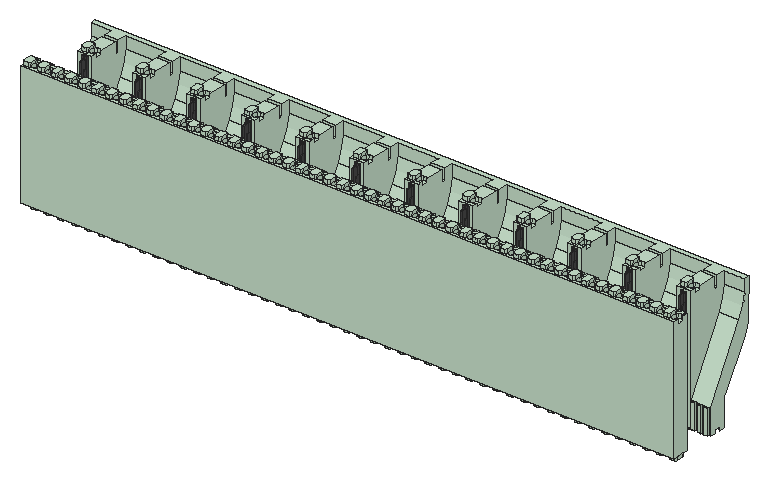
Revit family (continued)
Forms (in)
  Extrusion 106, void
    sketch origin (90, 1, 0) x (-1, 0, 0) y (0, -1, 0)
      loop
        arc (2, 4.89808) -> (1.95215, 5.04517) -> (1.82692, 5.13595) r 0.25
        arc (1.82692, 5.13595) -> (1.5, 5.1875) -> (1.17308, 5.13595) r 1.0625
        arc (1.17308, 5.13595) -> (1.04785, 5.04517) -> (1, 4.89808) r 0.25
    from 0 to 0.5
  Extrusion 107, void
    sketch origin (92, 1, 0) x (-1, 0, 0) y (0, -1, 0)
      loop
        line (1, 4.89808) -> (1, 3.97692)
        arc (1, 3.97692) -> (1.04785, 3.82983) -> (1.17308, 3.73905) r 0.25
        arc (1.17308, 3.73905) -> (1.42092, 3.69045) -> (1.67323, 3.70172) r 1.0625
        arc (1.67323, 3.70172) -> (1.72385, 3.68771) -> (1.74592, 3.64005) r 0.0625
        line (1.74592, 3.64005) -> (1.74592, 3.41845) -> (1.91675, 3.41845) -> (1.91675, 3.76455)
        arc (1.91675, 3.76455) -> (1.92106, 3.78736) -> (1.9334, 3.80702) r 0.0625
        arc (1.9334, 3.80702) -> (1.98276, 3.88568) -> (2, 3.97692) r 0.25
        line (2, 3.97692) -> (2, 4.89808)
        arc (2, 4.89808) -> (1.95215, 5.04517) -> (1.82692, 5.13595) r 0.25
        arc (1.82692, 5.13595) -> (1.5, 5.1875) -> (1.17308, 5.13595) r 1.0625
        arc (1.17308, 5.13595) -> (1.04785, 5.04517) -> (1, 4.89808) r 0.25
    from 0 to 0.5
  Extrusion 108, void
    sketch origin (94, 1, 0) x (-1, 0, 0) y (0, -1, 0)
      loop
        line (1, 4.89808) -> (1, 3.97692)
        arc (1, 3.97692) -> (1.04785, 3.82983) -> (1.17308, 3.73905) r 0.25
        arc (1.17308, 3.73905) -> (1.42092, 3.69045) -> (1.67323, 3.70172) r 1.0625
        arc (1.67323, 3.70172) -> (1.72385, 3.68771) -> (1.74592, 3.64005) r 0.0625
        line (1.74592, 3.64005) -> (1.74592, 3.41845) -> (1.91675, 3.41845) -> (1.91675, 3.76455)
        arc (1.91675, 3.76455) -> (1.92106, 3.78736) -> (1.9334, 3.80702) r 0.0625
        arc (1.9334, 3.80702) -> (1.98276, 3.88568) -> (2, 3.97692) r 0.25
        line (2, 3.97692) -> (2, 4.89808)
        arc (2, 4.89808) -> (1.95215, 5.04517) -> (1.82692, 5.13595) r 0.25
        arc (1.82692, 5.13595) -> (1.5, 5.1875) -> (1.17308, 5.13595) r 1.0625
        arc (1.17308, 5.13595) -> (1.04785, 5.04517) -> (1, 4.89808) r 0.25
    from 0 to 0.5
  Extrusion 109, void
    sketch origin (96, 1, 0) x (-1, 0, 0) y (0, -1, 0)
      loop
        line (1, 4.89808) -> (1, 3.97692)
        arc (1, 3.97692) -> (1.04785, 3.82983) -> (1.17308, 3.73905) r 0.25
        arc (1.17308, 3.73905) -> (1.42092, 3.69045) -> (1.67323, 3.70172) r 1.0625
        arc (1.67323, 3.70172) -> (1.72385, 3.68771) -> (1.74592, 3.64005) r 0.0625
        line (1.74592, 3.64005) -> (1.74592, 3.41845) -> (1.91675, 3.41845) -> (1.91675, 3.76455)
        arc (1.91675, 3.76455) -> (1.92106, 3.78736) -> (1.9334, 3.80702) r 0.0625
        arc (1.9334, 3.80702) -> (1.98276, 3.88568) -> (2, 3.97692) r 0.25
        line (2, 3.97692) -> (2, 4.89808)
        arc (2, 4.89808) -> (1.95215, 5.04517) -> (1.82692, 5.13595) r 0.25
        arc (1.82692, 5.13595) -> (1.5, 5.1875) -> (1.17308, 5.13595) r 1.0625
        arc (1.17308, 5.13595) -> (1.04785, 5.04517) -> (1, 4.89808) r 0.25
    from 0 to 0.5
  Extrusion 110, void
    sketch origin (94, -1, 0) x (1, 0, 0) y (0, 1, 0)
      loop
        line (1, 4.89808) -> (1, 3.97692)
        arc (1, 3.97692) -> (1.04785, 3.82983) -> (1.17308, 3.73905) r 0.25
        arc (1.17308, 3.73905) -> (1.42092, 3.69045) -> (1.67323, 3.70172) r 1.0625
        arc (1.67323, 3.70172) -> (1.72385, 3.68771) -> (1.74592, 3.64005) r 0.0625
        line (1.74592, 3.64005) -> (1.74592, 3.41845) -> (1.91675, 3.41845) -> (1.91675, 3.76455)
        arc (1.91675, 3.76455) -> (1.92106, 3.78736) -> (1.9334, 3.80702) r 0.0625
        arc (1.9334, 3.80702) -> (1.98276, 3.88568) -> (2, 3.97692) r 0.25
        line (2, 3.97692) -> (2, 4.89808)
        arc (2, 4.89808) -> (1.95215, 5.04517) -> (1.82692, 5.13595) r 0.25
        arc (1.82692, 5.13595) -> (1.5, 5.1875) -> (1.17308, 5.13595) r 1.0625
        arc (1.17308, 5.13595) -> (1.04785, 5.04517) -> (1, 4.89808) r 0.25
    from 0 to 0.5
  Extrusion 111, void
    sketch origin (92, -1, 0) x (1, 0, 0) y (0, 1, 0)
      loop
        line (1, 4.89808) -> (1, 3.97692)
        arc (1, 3.97692) -> (1.04785, 3.82983) -> (1.17308, 3.73905) r 0.25
        arc (1.17308, 3.73905) -> (1.42092, 3.69045) -> (1.67323, 3.70172) r 1.0625
        arc (1.67323, 3.70172) -> (1.72385, 3.68771) -> (1.74592, 3.64005) r 0.0625
        line (1.74592, 3.64005) -> (1.74592, 3.41845) -> (1.91675, 3.41845) -> (1.91675, 3.76455)
        arc (1.91675, 3.76455) -> (1.92106, 3.78736) -> (1.9334, 3.80702) r 0.0625
        arc (1.9334, 3.80702) -> (1.98276, 3.88568) -> (2, 3.97692) r 0.25
        line (2, 3.97692) -> (2, 4.89808)
        arc (2, 4.89808) -> (1.95215, 5.04517) -> (1.82692, 5.13595) r 0.25
        arc (1.82692, 5.13595) -> (1.5, 5.1875) -> (1.17308, 5.13595) r 1.0625
        arc (1.17308, 5.13595) -> (1.04785, 5.04517) -> (1, 4.89808) r 0.25
    from 0 to 0.5
  Extrusion 112, void
    sketch origin (90, -1, 0) x (1, 0, 0) y (0, 1, 0)
      loop
        line (1, 4.89808) -> (1, 3.97692)
        arc (1, 3.97692) -> (1.04785, 3.82983) -> (1.17308, 3.73905) r 0.25
        arc (1.17308, 3.73905) -> (1.42092, 3.69045) -> (1.67323, 3.70172) r 1.0625
        arc (1.67323, 3.70172) -> (1.72385, 3.68771) -> (1.74592, 3.64005) r 0.0625
        line (1.74592, 3.64005) -> (1.74592, 3.41845) -> (1.91675, 3.41845) -> (1.91675, 3.76455)
        arc (1.91675, 3.76455) -> (1.92106, 3.78736) -> (1.9334, 3.80702) r 0.0625
        arc (1.9334, 3.80702) -> (1.98276, 3.88568) -> (2, 3.97692) r 0.25
        line (2, 3.97692) -> (2, 4.89808)
        arc (2, 4.89808) -> (1.95215, 5.04517) -> (1.82692, 5.13595) r 0.25
        arc (1.82692, 5.13595) -> (1.5, 5.1875) -> (1.17308, 5.13595) r 1.0625
        arc (1.17308, 5.13595) -> (1.04785, 5.04517) -> (1, 4.89808) r 0.25
    from 0 to 0.5
  Extrusion 113, void
    sketch origin (88, -1, 0) x (1, 0, 0) y (0, 1, 0)
      loop
        line (1, 4.89808) -> (1, 3.97692)
        arc (1, 3.97692) -> (1.04785, 3.82983) -> (1.17308, 3.73905) r 0.25
        arc (1.17308, 3.73905) -> (1.42092, 3.69045) -> (1.67323, 3.70172) r 1.0625
        arc (1.67323, 3.70172) -> (1.72385, 3.68771) -> (1.74592, 3.64005) r 0.0625
        line (1.74592, 3.64005) -> (1.74592, 3.41845) -> (1.91675, 3.41845) -> (1.91675, 3.76455)
        arc (1.91675, 3.76455) -> (1.92106, 3.78736) -> (1.9334, 3.80702) r 0.0625
        arc (1.9334, 3.80702) -> (1.98276, 3.88568) -> (2, 3.97692) r 0.25
        line (2, 3.97692) -> (2, 4.89808)
        arc (2, 4.89808) -> (1.95215, 5.04517) -> (1.82692, 5.13595) r 0.25
        arc (1.82692, 5.13595) -> (1.5, 5.1875) -> (1.17308, 5.13595) r 1.0625
        arc (1.17308, 5.13595) -> (1.04785, 5.04517) -> (1, 4.89808) r 0.25
    from 0 to 0.5
  Extrusion 114, void
    sketch origin (86, -1, 0) x (1, 0, 0) y (0, 1, 0)
      loop
        line (1, 4.89808) -> (1, 3.97692)
        arc (1, 3.97692) -> (1.04785, 3.82983) -> (1.17308, 3.73905) r 0.25
        arc (1.17308, 3.73905) -> (1.42092, 3.69045) -> (1.67323, 3.70172) r 1.0625
        arc (1.67323, 3.70172) -> (1.72385, 3.68771) -> (1.74592, 3.64005) r 0.0625
        line (1.74592, 3.64005) -> (1.74592, 3.41845) -> (1.91675, 3.41845) -> (1.91675, 3.76455)
        arc (1.91675, 3.76455) -> (1.92106, 3.78736) -> (1.9334, 3.80702) r 0.0625
        arc (1.9334, 3.80702) -> (1.98276, 3.88568) -> (2, 3.97692) r 0.25
        line (2, 3.97692) -> (2, 4.89808)
        arc (2, 4.89808) -> (1.95215, 5.04517) -> (1.82692, 5.13595) r 0.25
        arc (1.82692, 5.13595) -> (1.5, 5.1875) -> (1.17308, 5.13595) r 1.0625
        arc (1.17308, 5.13595) -> (1.04785, 5.04517) -> (1, 4.89808) r 0.25
    from 0 to 0.5
  Extrusion 115, void
    sketch origin (84, -1, 0) x (1, 0, 0) y (0, 1, 0)
      loop
        line (1, 4.89808) -> (1, 3.97692)
        arc (1, 3.97692) -> (1.04785, 3.82983) -> (1.17308, 3.73905) r 0.25
        arc (1.17308, 3.73905) -> (1.42092, 3.69045) -> (1.67323, 3.70172) r 1.0625
        arc (1.67323, 3.70172) -> (1.72385, 3.68771) -> (1.74592, 3.64005) r 0.0625
        line (1.74592, 3.64005) -> (1.74592, 3.41845) -> (1.91675, 3.41845) -> (1.91675, 3.76455)
        arc (1.91675, 3.76455) -> (1.92106, 3.78736) -> (1.9334, 3.80702) r 0.0625
        arc (1.9334, 3.80702) -> (1.98276, 3.88568) -> (2, 3.97692) r 0.25
        line (2, 3.97692) -> (2, 4.89808)
        arc (2, 4.89808) -> (1.95215, 5.04517) -> (1.82692, 5.13595) r 0.25
        arc (1.82692, 5.13595) -> (1.5, 5.1875) -> (1.17308, 5.13595) r 1.0625
        arc (1.17308, 5.13595) -> (1.04785, 5.04517) -> (1, 4.89808) r 0.25
    from 0 to 0.5
  Extrusion 116, void
    sketch origin (82, -1, 0) x (1, 0, 0) y (0, 1, 0)
      loop
        line (1, 4.89808) -> (1, 3.97692)
        arc (1, 3.97692) -> (1.04785, 3.82983) -> (1.17308, 3.73905) r 0.25
        arc (1.17308, 3.73905) -> (1.42092, 3.69045) -> (1.67323, 3.70172) r 1.0625
        arc (1.67323, 3.70172) -> (1.72385, 3.68771) -> (1.74592, 3.64005) r 0.0625
        line (1.74592, 3.64005) -> (1.74592, 3.41845) -> (1.91675, 3.41845) -> (1.91675, 3.76455)
        arc (1.91675, 3.76455) -> (1.92106, 3.78736) -> (1.9334, 3.80702) r 0.0625
        arc (1.9334, 3.80702) -> (1.98276, 3.88568) -> (2, 3.97692) r 0.25
        line (2, 3.97692) -> (2, 4.89808)
        arc (2, 4.89808) -> (1.95215, 5.04517) -> (1.82692, 5.13595) r 0.25
        arc (1.82692, 5.13595) -> (1.5, 5.1875) -> (1.17308, 5.13595) r 1.0625
        arc (1.17308, 5.13595) -> (1.04785, 5.04517) -> (1, 4.89808) r 0.25
    from 0 to 0.5
  Extrusion 117, void
    sketch origin (80, -1, 0) x (1, 0, 0) y (0, 1, 0)
      loop
        line (1, 4.89808) -> (1, 3.97692)
        arc (1, 3.97692) -> (1.04785, 3.82983) -> (1.17308, 3.73905) r 0.25
        arc (1.17308, 3.73905) -> (1.42092, 3.69045) -> (1.67323, 3.70172) r 1.0625
        arc (1.67323, 3.70172) -> (1.72385, 3.68771) -> (1.74592, 3.64005) r 0.0625
        line (1.74592, 3.64005) -> (1.74592, 3.41845) -> (1.91675, 3.41845) -> (1.91675, 3.76455)
        arc (1.91675, 3.76455) -> (1.92106, 3.78736) -> (1.9334, 3.80702) r 0.0625
        arc (1.9334, 3.80702) -> (1.98276, 3.88568) -> (2, 3.97692) r 0.25
        line (2, 3.97692) -> (2, 4.89808)
        arc (2, 4.89808) -> (1.95215, 5.04517) -> (1.82692, 5.13595) r 0.25
        arc (1.82692, 5.13595) -> (1.5, 5.1875) -> (1.17308, 5.13595) r 1.0625
        arc (1.17308, 5.13595) -> (1.04785, 5.04517) -> (1, 4.89808) r 0.25
    from 0 to 0.5
  Extrusion 118, void
    sketch origin (78, -1, 0) x (1, 0, 0) y (0, 1, 0)
      loop
        line (1, 4.89808) -> (1, 3.97692)
        arc (1, 3.97692) -> (1.04785, 3.82983) -> (1.17308, 3.73905) r 0.25
        arc (1.17308, 3.73905) -> (1.42092, 3.69045) -> (1.67323, 3.70172) r 1.0625
        arc (1.67323, 3.70172) -> (1.72385, 3.68771) -> (1.74592, 3.64005) r 0.0625
        line (1.74592, 3.64005) -> (1.74592, 3.41845) -> (1.91675, 3.41845) -> (1.91675, 3.76455)
        arc (1.91675, 3.76455) -> (1.92106, 3.78736) -> (1.9334, 3.80702) r 0.0625
        arc (1.9334, 3.80702) -> (1.98276, 3.88568) -> (2, 3.97692) r 0.25
        line (2, 3.97692) -> (2, 4.89808)
        arc (2, 4.89808) -> (1.95215, 5.04517) -> (1.82692, 5.13595) r 0.25
        arc (1.82692, 5.13595) -> (1.5, 5.1875) -> (1.17308, 5.13595) r 1.0625
        arc (1.17308, 5.13595) -> (1.04785, 5.04517) -> (1, 4.89808) r 0.25
    from 0 to 0.5
  Extrusion 119, void
    sketch origin (76, -1, 0) x (1, 0, 0) y (0, 1, 0)
      loop
        line (1, 4.89808) -> (1, 3.97692)
        arc (1, 3.97692) -> (1.04785, 3.82983) -> (1.17308, 3.73905) r 0.25
        arc (1.17308, 3.73905) -> (1.42092, 3.69045) -> (1.67323, 3.70172) r 1.0625
        arc (1.67323, 3.70172) -> (1.72385, 3.68771) -> (1.74592, 3.64005) r 0.0625
        line (1.74592, 3.64005) -> (1.74592, 3.41845) -> (1.91675, 3.41845) -> (1.91675, 3.76455)
        arc (1.91675, 3.76455) -> (1.92106, 3.78736) -> (1.9334, 3.80702) r 0.0625
        arc (1.9334, 3.80702) -> (1.98276, 3.88568) -> (2, 3.97692) r 0.25
        line (2, 3.97692) -> (2, 4.89808)
        arc (2, 4.89808) -> (1.95215, 5.04517) -> (1.82692, 5.13595) r 0.25
        arc (1.82692, 5.13595) -> (1.5, 5.1875) -> (1.17308, 5.13595) r 1.0625
        arc (1.17308, 5.13595) -> (1.04785, 5.04517) -> (1, 4.89808) r 0.25
    from 0 to 0.5
  Extrusion 120, void
    sketch origin (74, -1, 0) x (1, 0, 0) y (0, 1, 0)
      loop
        line (1, 4.89808) -> (1, 3.97692)
        arc (1, 3.97692) -> (1.04785, 3.82983) -> (1.17308, 3.73905) r 0.25
        arc (1.17308, 3.73905) -> (1.42092, 3.69045) -> (1.67323, 3.70172) r 1.0625
        arc (1.67323, 3.70172) -> (1.72385, 3.68771) -> (1.74592, 3.64005) r 0.0625
        line (1.74592, 3.64005) -> (1.74592, 3.41845) -> (1.91675, 3.41845) -> (1.91675, 3.76455)
        arc (1.91675, 3.76455) -> (1.92106, 3.78736) -> (1.9334, 3.80702) r 0.0625
        arc (1.9334, 3.80702) -> (1.98276, 3.88568) -> (2, 3.97692) r 0.25
        line (2, 3.97692) -> (2, 4.89808)
        arc (2, 4.89808) -> (1.95215, 5.04517) -> (1.82692, 5.13595) r 0.25
        arc (1.82692, 5.13595) -> (1.5, 5.1875) -> (1.17308, 5.13595) r 1.0625
        arc (1.17308, 5.13595) -> (1.04785, 5.04517) -> (1, 4.89808) r 0.25
    from 0 to 0.5
  Extrusion 121, void
    sketch origin (72, -1, 0) x (1, 0, 0) y (0, 1, 0)
      loop
        line (1, 4.89808) -> (1, 3.97692)
        arc (1, 3.97692) -> (1.04785, 3.82983) -> (1.17308, 3.73905) r 0.25
        arc (1.17308, 3.73905) -> (1.42092, 3.69045) -> (1.67323, 3.70172) r 1.0625
        arc (1.67323, 3.70172) -> (1.72385, 3.68771) -> (1.74592, 3.64005) r 0.0625
        line (1.74592, 3.64005) -> (1.74592, 3.41845) -> (1.91675, 3.41845) -> (1.91675, 3.76455)
        arc (1.91675, 3.76455) -> (1.92106, 3.78736) -> (1.9334, 3.80702) r 0.0625
        arc (1.9334, 3.80702) -> (1.98276, 3.88568) -> (2, 3.97692) r 0.25
        line (2, 3.97692) -> (2, 4.89808)
        arc (2, 4.89808) -> (1.95215, 5.04517) -> (1.82692, 5.13595) r 0.25
        arc (1.82692, 5.13595) -> (1.5, 5.1875) -> (1.17308, 5.13595) r 1.0625
        arc (1.17308, 5.13595) -> (1.04785, 5.04517) -> (1, 4.89808) r 0.25
    from 0 to 0.5
  Extrusion 122, void
    sketch origin (70, -1, 0) x (1, 0, 0) y (0, 1, 0)
      loop
        line (1, 4.89808) -> (1, 3.97692)
        arc (1, 3.97692) -> (1.04785, 3.82983) -> (1.17308, 3.73905) r 0.25
        arc (1.17308, 3.73905) -> (1.42092, 3.69045) -> (1.67323, 3.70172) r 1.0625
        arc (1.67323, 3.70172) -> (1.72385, 3.68771) -> (1.74592, 3.64005) r 0.0625
        line (1.74592, 3.64005) -> (1.74592, 3.41845) -> (1.91675, 3.41845) -> (1.91675, 3.76455)
        arc (1.91675, 3.76455) -> (1.92106, 3.78736) -> (1.9334, 3.80702) r 0.0625
        arc (1.9334, 3.80702) -> (1.98276, 3.88568) -> (2, 3.97692) r 0.25
        line (2, 3.97692) -> (2, 4.89808)
        arc (2, 4.89808) -> (1.95215, 5.04517) -> (1.82692, 5.13595) r 0.25
        arc (1.82692, 5.13595) -> (1.5, 5.1875) -> (1.17308, 5.13595) r 1.0625
        arc (1.17308, 5.13595) -> (1.04785, 5.04517) -> (1, 4.89808) r 0.25
    from 0 to 0.5
  Extrusion 123, void
    sketch origin (68, -1, 0) x (1, 0, 0) y (0, 1, 0)
      loop
        line (1, 4.89808) -> (1, 3.97692)
        arc (1, 3.97692) -> (1.04785, 3.82983) -> (1.17308, 3.73905) r 0.25
        arc (1.17308, 3.73905) -> (1.42092, 3.69045) -> (1.67323, 3.70172) r 1.0625
        arc (1.67323, 3.70172) -> (1.72385, 3.68771) -> (1.74592, 3.64005) r 0.0625
        line (1.74592, 3.64005) -> (1.74592, 3.41845) -> (1.91675, 3.41845) -> (1.91675, 3.76455)
        arc (1.91675, 3.76455) -> (1.92106, 3.78736) -> (1.9334, 3.80702) r 0.0625
        arc (1.9334, 3.80702) -> (1.98276, 3.88568) -> (2, 3.97692) r 0.25
        line (2, 3.97692) -> (2, 4.89808)
        arc (2, 4.89808) -> (1.95215, 5.04517) -> (1.82692, 5.13595) r 0.25
        arc (1.82692, 5.13595) -> (1.5, 5.1875) -> (1.17308, 5.13595) r 1.0625
        arc (1.17308, 5.13595) -> (1.04785, 5.04517) -> (1, 4.89808) r 0.25
    from 0 to 0.5
  Extrusion 124, void
    sketch origin (66, -1, 0) x (1, 0, 0) y (0, 1, 0)
      loop
        line (1, 4.89808) -> (1, 3.97692)
        arc (1, 3.97692) -> (1.04785, 3.82983) -> (1.17308, 3.73905) r 0.25
        arc (1.17308, 3.73905) -> (1.42092, 3.69045) -> (1.67323, 3.70172) r 1.0625
        arc (1.67323, 3.70172) -> (1.72385, 3.68771) -> (1.74592, 3.64005) r 0.0625
        line (1.74592, 3.64005) -> (1.74592, 3.41845) -> (1.91675, 3.41845) -> (1.91675, 3.76455)
        arc (1.91675, 3.76455) -> (1.92106, 3.78736) -> (1.9334, 3.80702) r 0.0625
        arc (1.9334, 3.80702) -> (1.98276, 3.88568) -> (2, 3.97692) r 0.25
        line (2, 3.97692) -> (2, 4.89808)
        arc (2, 4.89808) -> (1.95215, 5.04517) -> (1.82692, 5.13595) r 0.25
        arc (1.82692, 5.13595) -> (1.5, 5.1875) -> (1.17308, 5.13595) r 1.0625
        arc (1.17308, 5.13595) -> (1.04785, 5.04517) -> (1, 4.89808) r 0.25
    from 0 to 0.5
  Extrusion 125, void
    sketch origin (64, -1, 0) x (1, 0, 0) y (0, 1, 0)
      loop
        line (1, 4.89808) -> (1, 3.97692)
        arc (1, 3.97692) -> (1.04785, 3.82983) -> (1.17308, 3.73905) r 0.25
        arc (1.17308, 3.73905) -> (1.42092, 3.69045) -> (1.67323, 3.70172) r 1.0625
        arc (1.67323, 3.70172) -> (1.72385, 3.68771) -> (1.74592, 3.64005) r 0.0625
        line (1.74592, 3.64005) -> (1.74592, 3.41845) -> (1.91675, 3.41845) -> (1.91675, 3.76455)
        arc (1.91675, 3.76455) -> (1.92106, 3.78736) -> (1.9334, 3.80702) r 0.0625
        arc (1.9334, 3.80702) -> (1.98276, 3.88568) -> (2, 3.97692) r 0.25
        line (2, 3.97692) -> (2, 4.89808)
        arc (2, 4.89808) -> (1.95215, 5.04517) -> (1.82692, 5.13595) r 0.25
        arc (1.82692, 5.13595) -> (1.5, 5.1875) -> (1.17308, 5.13595) r 1.0625
        arc (1.17308, 5.13595) -> (1.04785, 5.04517) -> (1, 4.89808) r 0.25
    from 0 to 0.5
  Extrusion 126, void
    sketch origin (62, -1, 0) x (1, 0, 0) y (0, 1, 0)
      loop
        line (1, 4.89808) -> (1, 3.97692)
        arc (1, 3.97692) -> (1.04785, 3.82983) -> (1.17308, 3.73905) r 0.25
        arc (1.17308, 3.73905) -> (1.42092, 3.69045) -> (1.67323, 3.70172) r 1.0625
        arc (1.67323, 3.70172) -> (1.72385, 3.68771) -> (1.74592, 3.64005) r 0.0625
        line (1.74592, 3.64005) -> (1.74592, 3.41845) -> (1.91675, 3.41845) -> (1.91675, 3.76455)
        arc (1.91675, 3.76455) -> (1.92106, 3.78736) -> (1.9334, 3.80702) r 0.0625
        arc (1.9334, 3.80702) -> (1.98276, 3.88568) -> (2, 3.97692) r 0.25
        line (2, 3.97692) -> (2, 4.89808)
        arc (2, 4.89808) -> (1.95215, 5.04517) -> (1.82692, 5.13595) r 0.25
        arc (1.82692, 5.13595) -> (1.5, 5.1875) -> (1.17308, 5.13595) r 1.0625
        arc (1.17308, 5.13595) -> (1.04785, 5.04517) -> (1, 4.89808) r 0.25
    from 0 to 0.5
  Extrusion 127, void
    sketch origin (60, -1, 0) x (1, 0, 0) y (0, 1, 0)
      loop
        line (1, 4.89808) -> (1, 3.97692)
        arc (1, 3.97692) -> (1.04785, 3.82983) -> (1.17308, 3.73905) r 0.25
        arc (1.17308, 3.73905) -> (1.42092, 3.69045) -> (1.67323, 3.70172) r 1.0625
        arc (1.67323, 3.70172) -> (1.72385, 3.68771) -> (1.74592, 3.64005) r 0.0625
        line (1.74592, 3.64005) -> (1.74592, 3.41845) -> (1.91675, 3.41845) -> (1.91675, 3.76455)
        arc (1.91675, 3.76455) -> (1.92106, 3.78736) -> (1.9334, 3.80702) r 0.0625
        arc (1.9334, 3.80702) -> (1.98276, 3.88568) -> (2, 3.97692) r 0.25
        line (2, 3.97692) -> (2, 4.89808)
        arc (2, 4.89808) -> (1.95215, 5.04517) -> (1.82692, 5.13595) r 0.25
        arc (1.82692, 5.13595) -> (1.5, 5.1875) -> (1.17308, 5.13595) r 1.0625
        arc (1.17308, 5.13595) -> (1.04785, 5.04517) -> (1, 4.89808) r 0.25
    from 0 to 0.5
  Extrusion 128, void
    sketch origin (58, -1, 0) x (1, 0, 0) y (0, 1, 0)
      loop
        line (1, 4.89808) -> (1, 3.97692)
        arc (1, 3.97692) -> (1.04785, 3.82983) -> (1.17308, 3.73905) r 0.25
        arc (1.17308, 3.73905) -> (1.42092, 3.69045) -> (1.67323, 3.70172) r 1.0625
        arc (1.67323, 3.70172) -> (1.72385, 3.68771) -> (1.74592, 3.64005) r 0.0625
        line (1.74592, 3.64005) -> (1.74592, 3.41845) -> (1.91675, 3.41845) -> (1.91675, 3.76455)
        arc (1.91675, 3.76455) -> (1.92106, 3.78736) -> (1.9334, 3.80702) r 0.0625
        arc (1.9334, 3.80702) -> (1.98276, 3.88568) -> (2, 3.97692) r 0.25
        line (2, 3.97692) -> (2, 4.89808)
        arc (2, 4.89808) -> (1.95215, 5.04517) -> (1.82692, 5.13595) r 0.25
        arc (1.82692, 5.13595) -> (1.5, 5.1875) -> (1.17308, 5.13595) r 1.0625
        arc (1.17308, 5.13595) -> (1.04785, 5.04517) -> (1, 4.89808) r 0.25
    from 0 to 0.5
  Extrusion 129, void
    sketch origin (56, -1, 0) x (1, 0, 0) y (0, 1, 0)
      loop
        line (1, 4.89808) -> (1, 3.97692)
        arc (1, 3.97692) -> (1.04785, 3.82983) -> (1.17308, 3.73905) r 0.25
        arc (1.17308, 3.73905) -> (1.42092, 3.69045) -> (1.67323, 3.70172) r 1.0625
        arc (1.67323, 3.70172) -> (1.72385, 3.68771) -> (1.74592, 3.64005) r 0.0625
        line (1.74592, 3.64005) -> (1.74592, 3.41845) -> (1.91675, 3.41845) -> (1.91675, 3.76455)
        arc (1.91675, 3.76455) -> (1.92106, 3.78736) -> (1.9334, 3.80702) r 0.0625
        arc (1.9334, 3.80702) -> (1.98276, 3.88568) -> (2, 3.97692) r 0.25
        line (2, 3.97692) -> (2, 4.89808)
        arc (2, 4.89808) -> (1.95215, 5.04517) -> (1.82692, 5.13595) r 0.25
        arc (1.82692, 5.13595) -> (1.5, 5.1875) -> (1.17308, 5.13595) r 1.0625
        arc (1.17308, 5.13595) -> (1.04785, 5.04517) -> (1, 4.89808) r 0.25
    from 0 to 0.5
  Extrusion 130, void
    sketch origin (54, -1, 0) x (1, 0, 0) y (0, 1, 0)
      loop
        line (1, 4.89808) -> (1, 3.97692)
        arc (1, 3.97692) -> (1.04785, 3.82983) -> (1.17308, 3.73905) r 0.25
        arc (1.17308, 3.73905) -> (1.42092, 3.69045) -> (1.67323, 3.70172) r 1.0625
        arc (1.67323, 3.70172) -> (1.72385, 3.68771) -> (1.74592, 3.64005) r 0.0625
        line (1.74592, 3.64005) -> (1.74592, 3.41845) -> (1.91675, 3.41845) -> (1.91675, 3.76455)
        arc (1.91675, 3.76455) -> (1.92106, 3.78736) -> (1.9334, 3.80702) r 0.0625
        arc (1.9334, 3.80702) -> (1.98276, 3.88568) -> (2, 3.97692) r 0.25
        line (2, 3.97692) -> (2, 4.89808)
        arc (2, 4.89808) -> (1.95215, 5.04517) -> (1.82692, 5.13595) r 0.25
        arc (1.82692, 5.13595) -> (1.5, 5.1875) -> (1.17308, 5.13595) r 1.0625
        arc (1.17308, 5.13595) -> (1.04785, 5.04517) -> (1, 4.89808) r 0.25
    from 0 to 0.5
  Extrusion 131, void
    sketch origin (52, -1, 0) x (1, 0, 0) y (0, 1, 0)
      loop
        line (1, 4.89808) -> (1, 3.97692)
        arc (1, 3.97692) -> (1.04785, 3.82983) -> (1.17308, 3.73905) r 0.25
        arc (1.17308, 3.73905) -> (1.42092, 3.69045) -> (1.67323, 3.70172) r 1.0625
        arc (1.67323, 3.70172) -> (1.72385, 3.68771) -> (1.74592, 3.64005) r 0.0625
        line (1.74592, 3.64005) -> (1.74592, 3.41845) -> (1.91675, 3.41845) -> (1.91675, 3.76455)
        arc (1.91675, 3.76455) -> (1.92106, 3.78736) -> (1.9334, 3.80702) r 0.0625
        arc (1.9334, 3.80702) -> (1.98276, 3.88568) -> (2, 3.97692) r 0.25
        line (2, 3.97692) -> (2, 4.89808)
        arc (2, 4.89808) -> (1.95215, 5.04517) -> (1.82692, 5.13595) r 0.25
        arc (1.82692, 5.13595) -> (1.5, 5.1875) -> (1.17308, 5.13595) r 1.0625
        arc (1.17308, 5.13595) -> (1.04785, 5.04517) -> (1, 4.89808) r 0.25
    from 0 to 0.5
  Extrusion 132, void
    sketch origin (50, -1, 0) x (1, 0, 0) y (0, 1, 0)
      loop
        line (1, 4.89808) -> (1, 3.97692)
        arc (1, 3.97692) -> (1.04785, 3.82983) -> (1.17308, 3.73905) r 0.25
        arc (1.17308, 3.73905) -> (1.42092, 3.69045) -> (1.67323, 3.70172) r 1.0625
        arc (1.67323, 3.70172) -> (1.72385, 3.68771) -> (1.74592, 3.64005) r 0.0625
        line (1.74592, 3.64005) -> (1.74592, 3.41845) -> (1.91675, 3.41845) -> (1.91675, 3.76455)
        arc (1.91675, 3.76455) -> (1.92106, 3.78736) -> (1.9334, 3.80702) r 0.0625
        arc (1.9334, 3.80702) -> (1.98276, 3.88568) -> (2, 3.97692) r 0.25
        line (2, 3.97692) -> (2, 4.89808)
        arc (2, 4.89808) -> (1.95215, 5.04517) -> (1.82692, 5.13595) r 0.25
        arc (1.82692, 5.13595) -> (1.5, 5.1875) -> (1.17308, 5.13595) r 1.0625
        arc (1.17308, 5.13595) -> (1.04785, 5.04517) -> (1, 4.89808) r 0.25
    from 0 to 0.5
  Extrusion 133, void
    sketch origin (48, -1, 0) x (1, 0, 0) y (0, 1, 0)
      loop
        line (1, 4.89808) -> (1, 3.97692)
        arc (1, 3.97692) -> (1.04785, 3.82983) -> (1.17308, 3.73905) r 0.25
        arc (1.17308, 3.73905) -> (1.42092, 3.69045) -> (1.67323, 3.70172) r 1.0625
        arc (1.67323, 3.70172) -> (1.72385, 3.68771) -> (1.74592, 3.64005) r 0.0625
        line (1.74592, 3.64005) -> (1.74592, 3.41845) -> (1.91675, 3.41845) -> (1.91675, 3.76455)
        arc (1.91675, 3.76455) -> (1.92106, 3.78736) -> (1.9334, 3.80702) r 0.0625
        arc (1.9334, 3.80702) -> (1.98276, 3.88568) -> (2, 3.97692) r 0.25
        line (2, 3.97692) -> (2, 4.89808)
        arc (2, 4.89808) -> (1.95215, 5.04517) -> (1.82692, 5.13595) r 0.25
        arc (1.82692, 5.13595) -> (1.5, 5.1875) -> (1.17308, 5.13595) r 1.0625
        arc (1.17308, 5.13595) -> (1.04785, 5.04517) -> (1, 4.89808) r 0.25
    from 0 to 0.5
  Extrusion 134, void
    sketch origin (46, -1, 0) x (1, 0, 0) y (0, 1, 0)
      loop
        line (1, 4.89808) -> (1, 3.97692)
        arc (1, 3.97692) -> (1.04785, 3.82983) -> (1.17308, 3.73905) r 0.25
        arc (1.17308, 3.73905) -> (1.42092, 3.69045) -> (1.67323, 3.70172) r 1.0625
        arc (1.67323, 3.70172) -> (1.72385, 3.68771) -> (1.74592, 3.64005) r 0.0625
        line (1.74592, 3.64005) -> (1.74592, 3.41845) -> (1.91675, 3.41845) -> (1.91675, 3.76455)
        arc (1.91675, 3.76455) -> (1.92106, 3.78736) -> (1.9334, 3.80702) r 0.0625
        arc (1.9334, 3.80702) -> (1.98276, 3.88568) -> (2, 3.97692) r 0.25
        line (2, 3.97692) -> (2, 4.89808)
        arc (2, 4.89808) -> (1.95215, 5.04517) -> (1.82692, 5.13595) r 0.25
        arc (1.82692, 5.13595) -> (1.5, 5.1875) -> (1.17308, 5.13595) r 1.0625
        arc (1.17308, 5.13595) -> (1.04785, 5.04517) -> (1, 4.89808) r 0.25
    from 0 to 0.5
  Extrusion 135, void
    sketch origin (44, -1, 0) x (1, 0, 0) y (0, 1, 0)
      loop
        line (1, 4.89808) -> (1, 3.97692)
        arc (1, 3.97692) -> (1.04785, 3.82983) -> (1.17308, 3.73905) r 0.25
        arc (1.17308, 3.73905) -> (1.42092, 3.69045) -> (1.67323, 3.70172) r 1.0625
        arc (1.67323, 3.70172) -> (1.72385, 3.68771) -> (1.74592, 3.64005) r 0.0625
        line (1.74592, 3.64005) -> (1.74592, 3.41845) -> (1.91675, 3.41845) -> (1.91675, 3.76455)
        arc (1.91675, 3.76455) -> (1.92106, 3.78736) -> (1.9334, 3.80702) r 0.0625
        arc (1.9334, 3.80702) -> (1.98276, 3.88568) -> (2, 3.97692) r 0.25
        line (2, 3.97692) -> (2, 4.89808)
        arc (2, 4.89808) -> (1.95215, 5.04517) -> (1.82692, 5.13595) r 0.25
        arc (1.82692, 5.13595) -> (1.5, 5.1875) -> (1.17308, 5.13595) r 1.0625
        arc (1.17308, 5.13595) -> (1.04785, 5.04517) -> (1, 4.89808) r 0.25
    from 0 to 0.5
  Extrusion 136, void
    sketch origin (42, -1, 0) x (1, 0, 0) y (0, 1, 0)
      loop
        line (1, 4.89808) -> (1, 3.97692)
        arc (1, 3.97692) -> (1.04785, 3.82983) -> (1.17308, 3.73905) r 0.25
        arc (1.17308, 3.73905) -> (1.42092, 3.69045) -> (1.67323, 3.70172) r 1.0625
        arc (1.67323, 3.70172) -> (1.72385, 3.68771) -> (1.74592, 3.64005) r 0.0625
        line (1.74592, 3.64005) -> (1.74592, 3.41845) -> (1.91675, 3.41845) -> (1.91675, 3.76455)
        arc (1.91675, 3.76455) -> (1.92106, 3.78736) -> (1.9334, 3.80702) r 0.0625
        arc (1.9334, 3.80702) -> (1.98276, 3.88568) -> (2, 3.97692) r 0.25
        line (2, 3.97692) -> (2, 4.89808)
        arc (2, 4.89808) -> (1.95215, 5.04517) -> (1.82692, 5.13595) r 0.25
        arc (1.82692, 5.13595) -> (1.5, 5.1875) -> (1.17308, 5.13595) r 1.0625
        arc (1.17308, 5.13595) -> (1.04785, 5.04517) -> (1, 4.89808) r 0.25
    from 0 to 0.5
  Extrusion 137, void
    sketch origin (40, -1, 0) x (1, 0, 0) y (0, 1, 0)
      loop
        line (1, 4.89808) -> (1, 3.97692)
        arc (1, 3.97692) -> (1.04785, 3.82983) -> (1.17308, 3.73905) r 0.25
        arc (1.17308, 3.73905) -> (1.42092, 3.69045) -> (1.67323, 3.70172) r 1.0625
        arc (1.67323, 3.70172) -> (1.72385, 3.68771) -> (1.74592, 3.64005) r 0.0625
        line (1.74592, 3.64005) -> (1.74592, 3.41845) -> (1.91675, 3.41845) -> (1.91675, 3.76455)
        arc (1.91675, 3.76455) -> (1.92106, 3.78736) -> (1.9334, 3.80702) r 0.0625
        arc (1.9334, 3.80702) -> (1.98276, 3.88568) -> (2, 3.97692) r 0.25
        line (2, 3.97692) -> (2, 4.89808)
        arc (2, 4.89808) -> (1.95215, 5.04517) -> (1.82692, 5.13595) r 0.25
        arc (1.82692, 5.13595) -> (1.5, 5.1875) -> (1.17308, 5.13595) r 1.0625
        arc (1.17308, 5.13595) -> (1.04785, 5.04517) -> (1, 4.89808) r 0.25
    from 0 to 0.5
  Extrusion 138, void
    sketch origin (38, -1, 0) x (1, 0, 0) y (0, 1, 0)
      loop
        line (1, 4.89808) -> (1, 3.97692)
        arc (1, 3.97692) -> (1.04785, 3.82983) -> (1.17308, 3.73905) r 0.25
        arc (1.17308, 3.73905) -> (1.42092, 3.69045) -> (1.67323, 3.70172) r 1.0625
        arc (1.67323, 3.70172) -> (1.72385, 3.68771) -> (1.74592, 3.64005) r 0.0625
        line (1.74592, 3.64005) -> (1.74592, 3.41845) -> (1.91675, 3.41845) -> (1.91675, 3.76455)
        arc (1.91675, 3.76455) -> (1.92106, 3.78736) -> (1.9334, 3.80702) r 0.0625
        arc (1.9334, 3.80702) -> (1.98276, 3.88568) -> (2, 3.97692) r 0.25
        line (2, 3.97692) -> (2, 4.89808)
        arc (2, 4.89808) -> (1.95215, 5.04517) -> (1.82692, 5.13595) r 0.25
        arc (1.82692, 5.13595) -> (1.5, 5.1875) -> (1.17308, 5.13595) r 1.0625
        arc (1.17308, 5.13595) -> (1.04785, 5.04517) -> (1, 4.89808) r 0.25
    from 0 to 0.5
  Extrusion 139, void
    sketch origin (36, -1, 0) x (1, 0, 0) y (0, 1, 0)
      loop
        line (1, 4.89808) -> (1, 3.97692)
        arc (1, 3.97692) -> (1.04785, 3.82983) -> (1.17308, 3.73905) r 0.25
        arc (1.17308, 3.73905) -> (1.42092, 3.69045) -> (1.67323, 3.70172) r 1.0625
        arc (1.67323, 3.70172) -> (1.72385, 3.68771) -> (1.74592, 3.64005) r 0.0625
        line (1.74592, 3.64005) -> (1.74592, 3.41845) -> (1.91675, 3.41845) -> (1.91675, 3.76455)
        arc (1.91675, 3.76455) -> (1.92106, 3.78736) -> (1.9334, 3.80702) r 0.0625
        arc (1.9334, 3.80702) -> (1.98276, 3.88568) -> (2, 3.97692) r 0.25
        line (2, 3.97692) -> (2, 4.89808)
        arc (2, 4.89808) -> (1.95215, 5.04517) -> (1.82692, 5.13595) r 0.25
        arc (1.82692, 5.13595) -> (1.5, 5.1875) -> (1.17308, 5.13595) r 1.0625
        arc (1.17308, 5.13595) -> (1.04785, 5.04517) -> (1, 4.89808) r 0.25
    from 0 to 0.5
  Extrusion 140, void
    sketch origin (34, -1, 0) x (1, 0, 0) y (0, 1, 0)
      loop
        line (1, 4.89808) -> (1, 3.97692)
        arc (1, 3.97692) -> (1.04785, 3.82983) -> (1.17308, 3.73905) r 0.25
        arc (1.17308, 3.73905) -> (1.42092, 3.69045) -> (1.67323, 3.70172) r 1.0625
        arc (1.67323, 3.70172) -> (1.72385, 3.68771) -> (1.74592, 3.64005) r 0.0625
        line (1.74592, 3.64005) -> (1.74592, 3.41845) -> (1.91675, 3.41845) -> (1.91675, 3.76455)
        arc (1.91675, 3.76455) -> (1.92106, 3.78736) -> (1.9334, 3.80702) r 0.0625
        arc (1.9334, 3.80702) -> (1.98276, 3.88568) -> (2, 3.97692) r 0.25
        line (2, 3.97692) -> (2, 4.89808)
        arc (2, 4.89808) -> (1.95215, 5.04517) -> (1.82692, 5.13595) r 0.25
        arc (1.82692, 5.13595) -> (1.5, 5.1875) -> (1.17308, 5.13595) r 1.0625
        arc (1.17308, 5.13595) -> (1.04785, 5.04517) -> (1, 4.89808) r 0.25
    from 0 to 0.5
  Extrusion 141, void
    sketch origin (32, -1, 0) x (1, 0, 0) y (0, 1, 0)
      loop
        line (1, 4.89808) -> (1, 3.97692)
        arc (1, 3.97692) -> (1.04785, 3.82983) -> (1.17308, 3.73905) r 0.25
        arc (1.17308, 3.73905) -> (1.42092, 3.69045) -> (1.67323, 3.70172) r 1.0625
        arc (1.67323, 3.70172) -> (1.72385, 3.68771) -> (1.74592, 3.64005) r 0.0625
        line (1.74592, 3.64005) -> (1.74592, 3.41845) -> (1.91675, 3.41845) -> (1.91675, 3.76455)
        arc (1.91675, 3.76455) -> (1.92106, 3.78736) -> (1.9334, 3.80702) r 0.0625
        arc (1.9334, 3.80702) -> (1.98276, 3.88568) -> (2, 3.97692) r 0.25
        line (2, 3.97692) -> (2, 4.89808)
        arc (2, 4.89808) -> (1.95215, 5.04517) -> (1.82692, 5.13595) r 0.25
        arc (1.82692, 5.13595) -> (1.5, 5.1875) -> (1.17308, 5.13595) r 1.0625
        arc (1.17308, 5.13595) -> (1.04785, 5.04517) -> (1, 4.89808) r 0.25
    from 0 to 0.5
  Extrusion 142, void
    sketch origin (30, -1, 0) x (1, 0, 0) y (0, 1, 0)
      loop
        line (1, 4.89808) -> (1, 3.97692)
        arc (1, 3.97692) -> (1.04785, 3.82983) -> (1.17308, 3.73905) r 0.25
        arc (1.17308, 3.73905) -> (1.42092, 3.69045) -> (1.67323, 3.70172) r 1.0625
        arc (1.67323, 3.70172) -> (1.72385, 3.68771) -> (1.74592, 3.64005) r 0.0625
        line (1.74592, 3.64005) -> (1.74592, 3.41845) -> (1.91675, 3.41845) -> (1.91675, 3.76455)
        arc (1.91675, 3.76455) -> (1.92106, 3.78736) -> (1.9334, 3.80702) r 0.0625
        arc (1.9334, 3.80702) -> (1.98276, 3.88568) -> (2, 3.97692) r 0.25
        line (2, 3.97692) -> (2, 4.89808)
        arc (2, 4.89808) -> (1.95215, 5.04517) -> (1.82692, 5.13595) r 0.25
        arc (1.82692, 5.13595) -> (1.5, 5.1875) -> (1.17308, 5.13595) r 1.0625
        arc (1.17308, 5.13595) -> (1.04785, 5.04517) -> (1, 4.89808) r 0.25
    from 0 to 0.5
  Extrusion 143, void
    sketch origin (28, -1, 0) x (1, 0, 0) y (0, 1, 0)
      loop
        line (1, 4.89808) -> (1, 3.97692)
        arc (1, 3.97692) -> (1.04785, 3.82983) -> (1.17308, 3.73905) r 0.25
        arc (1.17308, 3.73905) -> (1.42092, 3.69045) -> (1.67323, 3.70172) r 1.0625
        arc (1.67323, 3.70172) -> (1.72385, 3.68771) -> (1.74592, 3.64005) r 0.0625
        line (1.74592, 3.64005) -> (1.74592, 3.41845) -> (1.91675, 3.41845) -> (1.91675, 3.76455)
        arc (1.91675, 3.76455) -> (1.92106, 3.78736) -> (1.9334, 3.80702) r 0.0625
        arc (1.9334, 3.80702) -> (1.98276, 3.88568) -> (2, 3.97692) r 0.25
        line (2, 3.97692) -> (2, 4.89808)
        arc (2, 4.89808) -> (1.95215, 5.04517) -> (1.82692, 5.13595) r 0.25
        arc (1.82692, 5.13595) -> (1.5, 5.1875) -> (1.17308, 5.13595) r 1.0625
        arc (1.17308, 5.13595) -> (1.04785, 5.04517) -> (1, 4.89808) r 0.25
    from 0 to 0.5
  Extrusion 144, void
    sketch origin (26, -1, 0) x (1, 0, 0) y (0, 1, 0)
      loop
        line (1, 4.89808) -> (1, 3.97692)
        arc (1, 3.97692) -> (1.04785, 3.82983) -> (1.17308, 3.73905) r 0.25
        arc (1.17308, 3.73905) -> (1.42092, 3.69045) -> (1.67323, 3.70172) r 1.0625
        arc (1.67323, 3.70172) -> (1.72385, 3.68771) -> (1.74592, 3.64005) r 0.0625
        line (1.74592, 3.64005) -> (1.74592, 3.41845) -> (1.91675, 3.41845) -> (1.91675, 3.76455)
        arc (1.91675, 3.76455) -> (1.92106, 3.78736) -> (1.9334, 3.80702) r 0.0625
        arc (1.9334, 3.80702) -> (1.98276, 3.88568) -> (2, 3.97692) r 0.25
        line (2, 3.97692) -> (2, 4.89808)
        arc (2, 4.89808) -> (1.95215, 5.04517) -> (1.82692, 5.13595) r 0.25
        arc (1.82692, 5.13595) -> (1.5, 5.1875) -> (1.17308, 5.13595) r 1.0625
        arc (1.17308, 5.13595) -> (1.04785, 5.04517) -> (1, 4.89808) r 0.25
    from 0 to 0.5
  Extrusion 145, void
    sketch origin (24, -1, 0) x (1, 0, 0) y (0, 1, 0)
      loop
        line (1, 4.89808) -> (1, 3.97692)
        arc (1, 3.97692) -> (1.04785, 3.82983) -> (1.17308, 3.73905) r 0.25
        arc (1.17308, 3.73905) -> (1.42092, 3.69045) -> (1.67323, 3.70172) r 1.0625
        arc (1.67323, 3.70172) -> (1.72385, 3.68771) -> (1.74592, 3.64005) r 0.0625
        line (1.74592, 3.64005) -> (1.74592, 3.41845) -> (1.91675, 3.41845) -> (1.91675, 3.76455)
        arc (1.91675, 3.76455) -> (1.92106, 3.78736) -> (1.9334, 3.80702) r 0.0625
        arc (1.9334, 3.80702) -> (1.98276, 3.88568) -> (2, 3.97692) r 0.25
        line (2, 3.97692) -> (2, 4.89808)
        arc (2, 4.89808) -> (1.95215, 5.04517) -> (1.82692, 5.13595) r 0.25
        arc (1.82692, 5.13595) -> (1.5, 5.1875) -> (1.17308, 5.13595) r 1.0625
        arc (1.17308, 5.13595) -> (1.04785, 5.04517) -> (1, 4.89808) r 0.25
    from 0 to 0.5
  Extrusion 146, void
    sketch origin (22, -1, 0) x (1, 0, 0) y (0, 1, 0)
      loop
        line (1, 4.89808) -> (1, 3.97692)
        arc (1, 3.97692) -> (1.04785, 3.82983) -> (1.17308, 3.73905) r 0.25
        arc (1.17308, 3.73905) -> (1.42092, 3.69045) -> (1.67323, 3.70172) r 1.0625
        arc (1.67323, 3.70172) -> (1.72385, 3.68771) -> (1.74592, 3.64005) r 0.0625
        line (1.74592, 3.64005) -> (1.74592, 3.41845) -> (1.91675, 3.41845) -> (1.91675, 3.76455)
        arc (1.91675, 3.76455) -> (1.92106, 3.78736) -> (1.9334, 3.80702) r 0.0625
        arc (1.9334, 3.80702) -> (1.98276, 3.88568) -> (2, 3.97692) r 0.25
        line (2, 3.97692) -> (2, 4.89808)
        arc (2, 4.89808) -> (1.95215, 5.04517) -> (1.82692, 5.13595) r 0.25
        arc (1.82692, 5.13595) -> (1.5, 5.1875) -> (1.17308, 5.13595) r 1.0625
        arc (1.17308, 5.13595) -> (1.04785, 5.04517) -> (1, 4.89808) r 0.25
    from 0 to 0.5
  Extrusion 147, void
    sketch origin (20, -1, 0) x (1, 0, 0) y (0, 1, 0)
      loop
        line (1, 4.89808) -> (1, 3.97692)
        arc (1, 3.97692) -> (1.04785, 3.82983) -> (1.17308, 3.73905) r 0.25
        arc (1.17308, 3.73905) -> (1.42092, 3.69045) -> (1.67323, 3.70172) r 1.0625
        arc (1.67323, 3.70172) -> (1.72385, 3.68771) -> (1.74592, 3.64005) r 0.0625
        line (1.74592, 3.64005) -> (1.74592, 3.41845) -> (1.91675, 3.41845) -> (1.91675, 3.76455)
        arc (1.91675, 3.76455) -> (1.92106, 3.78736) -> (1.9334, 3.80702) r 0.0625
        arc (1.9334, 3.80702) -> (1.98276, 3.88568) -> (2, 3.97692) r 0.25
        line (2, 3.97692) -> (2, 4.89808)
        arc (2, 4.89808) -> (1.95215, 5.04517) -> (1.82692, 5.13595) r 0.25
        arc (1.82692, 5.13595) -> (1.5, 5.1875) -> (1.17308, 5.13595) r 1.0625
        arc (1.17308, 5.13595) -> (1.04785, 5.04517) -> (1, 4.89808) r 0.25
    from 0 to 0.5
  Extrusion 148, void
    sketch origin (18, -1, 0) x (1, 0, 0) y (0, 1, 0)
      loop
        line (1, 4.89808) -> (1, 3.97692)
        arc (1, 3.97692) -> (1.04785, 3.82983) -> (1.17308, 3.73905) r 0.25
        arc (1.17308, 3.73905) -> (1.42092, 3.69045) -> (1.67323, 3.70172) r 1.0625
        arc (1.67323, 3.70172) -> (1.72385, 3.68771) -> (1.74592, 3.64005) r 0.0625
        line (1.74592, 3.64005) -> (1.74592, 3.41845) -> (1.91675, 3.41845) -> (1.91675, 3.76455)
        arc (1.91675, 3.76455) -> (1.92106, 3.78736) -> (1.9334, 3.80702) r 0.0625
        arc (1.9334, 3.80702) -> (1.98276, 3.88568) -> (2, 3.97692) r 0.25
        line (2, 3.97692) -> (2, 4.89808)
        arc (2, 4.89808) -> (1.95215, 5.04517) -> (1.82692, 5.13595) r 0.25
        arc (1.82692, 5.13595) -> (1.5, 5.1875) -> (1.17308, 5.13595) r 1.0625
        arc (1.17308, 5.13595) -> (1.04785, 5.04517) -> (1, 4.89808) r 0.25
    from 0 to 0.5
  Extrusion 149, void
    sketch origin (16, -1, 0) x (1, 0, 0) y (0, 1, 0)
      loop
        line (1, 4.89808) -> (1, 3.97692)
        arc (1, 3.97692) -> (1.04785, 3.82983) -> (1.17308, 3.73905) r 0.25
        arc (1.17308, 3.73905) -> (1.42092, 3.69045) -> (1.67323, 3.70172) r 1.0625
        arc (1.67323, 3.70172) -> (1.72385, 3.68771) -> (1.74592, 3.64005) r 0.0625
        line (1.74592, 3.64005) -> (1.74592, 3.41845) -> (1.91675, 3.41845) -> (1.91675, 3.76455)
        arc (1.91675, 3.76455) -> (1.92106, 3.78736) -> (1.9334, 3.80702) r 0.0625
        arc (1.9334, 3.80702) -> (1.98276, 3.88568) -> (2, 3.97692) r 0.25
        line (2, 3.97692) -> (2, 4.89808)
        arc (2, 4.89808) -> (1.95215, 5.04517) -> (1.82692, 5.13595) r 0.25
        arc (1.82692, 5.13595) -> (1.5, 5.1875) -> (1.17308, 5.13595) r 1.0625
        arc (1.17308, 5.13595) -> (1.04785, 5.04517) -> (1, 4.89808) r 0.25
    from 0 to 0.5
  Extrusion 150, void
    sketch origin (14, -1, 0) x (1, 0, 0) y (0, 1, 0)
      loop
        line (1, 4.89808) -> (1, 3.97692)
        arc (1, 3.97692) -> (1.04785, 3.82983) -> (1.17308, 3.73905) r 0.25
        arc (1.17308, 3.73905) -> (1.42092, 3.69045) -> (1.67323, 3.70172) r 1.0625
        arc (1.67323, 3.70172) -> (1.72385, 3.68771) -> (1.74592, 3.64005) r 0.0625
        line (1.74592, 3.64005) -> (1.74592, 3.41845) -> (1.91675, 3.41845) -> (1.91675, 3.76455)
        arc (1.91675, 3.76455) -> (1.92106, 3.78736) -> (1.9334, 3.80702) r 0.0625
        arc (1.9334, 3.80702) -> (1.98276, 3.88568) -> (2, 3.97692) r 0.25
        line (2, 3.97692) -> (2, 4.89808)
        arc (2, 4.89808) -> (1.95215, 5.04517) -> (1.82692, 5.13595) r 0.25
        arc (1.82692, 5.13595) -> (1.5, 5.1875) -> (1.17308, 5.13595) r 1.0625
        arc (1.17308, 5.13595) -> (1.04785, 5.04517) -> (1, 4.89808) r 0.25
    from 0 to 0.5
  Extrusion 151, void
    sketch origin (12, -1, 0) x (1, 0, 0) y (0, 1, 0)
      loop
        line (1, 4.89808) -> (1, 3.97692)
        arc (1, 3.97692) -> (1.04785, 3.82983) -> (1.17308, 3.73905) r 0.25
        arc (1.17308, 3.73905) -> (1.42092, 3.69045) -> (1.67323, 3.70172) r 1.0625
        arc (1.67323, 3.70172) -> (1.72385, 3.68771) -> (1.74592, 3.64005) r 0.0625
        line (1.74592, 3.64005) -> (1.74592, 3.41845) -> (1.91675, 3.41845) -> (1.91675, 3.76455)
        arc (1.91675, 3.76455) -> (1.92106, 3.78736) -> (1.9334, 3.80702) r 0.0625
        arc (1.9334, 3.80702) -> (1.98276, 3.88568) -> (2, 3.97692) r 0.25
        line (2, 3.97692) -> (2, 4.89808)
        arc (2, 4.89808) -> (1.95215, 5.04517) -> (1.82692, 5.13595) r 0.25
        arc (1.82692, 5.13595) -> (1.5, 5.1875) -> (1.17308, 5.13595) r 1.0625
        arc (1.17308, 5.13595) -> (1.04785, 5.04517) -> (1, 4.89808) r 0.25
    from 0 to 0.5
  Extrusion 152, void
    sketch origin (10, -1, 0) x (1, 0, 0) y (0, 1, 0)
      loop
        line (1, 4.89808) -> (1, 3.97692)
        arc (1, 3.97692) -> (1.04785, 3.82983) -> (1.17308, 3.73905) r 0.25
        arc (1.17308, 3.73905) -> (1.42092, 3.69045) -> (1.67323, 3.70172) r 1.0625
        arc (1.67323, 3.70172) -> (1.72385, 3.68771) -> (1.74592, 3.64005) r 0.0625
        line (1.74592, 3.64005) -> (1.74592, 3.41845) -> (1.91675, 3.41845) -> (1.91675, 3.76455)
        arc (1.91675, 3.76455) -> (1.92106, 3.78736) -> (1.9334, 3.80702) r 0.0625
        arc (1.9334, 3.80702) -> (1.98276, 3.88568) -> (2, 3.97692) r 0.25
        line (2, 3.97692) -> (2, 4.89808)
        arc (2, 4.89808) -> (1.95215, 5.04517) -> (1.82692, 5.13595) r 0.25
        arc (1.82692, 5.13595) -> (1.5, 5.1875) -> (1.17308, 5.13595) r 1.0625
        arc (1.17308, 5.13595) -> (1.04785, 5.04517) -> (1, 4.89808) r 0.25
    from 0 to 0.5
  Extrusion 153, void
    sketch origin (8, -1, 0) x (1, 0, 0) y (0, 1, 0)
      loop
        line (1, 4.89808) -> (1, 3.97692)
        arc (1, 3.97692) -> (1.04785, 3.82983) -> (1.17308, 3.73905) r 0.25
        arc (1.17308, 3.73905) -> (1.42092, 3.69045) -> (1.67323, 3.70172) r 1.0625
        arc (1.67323, 3.70172) -> (1.72385, 3.68771) -> (1.74592, 3.64005) r 0.0625
        line (1.74592, 3.64005) -> (1.74592, 3.41845) -> (1.91675, 3.41845) -> (1.91675, 3.76455)
        arc (1.91675, 3.76455) -> (1.92106, 3.78736) -> (1.9334, 3.80702) r 0.0625
        arc (1.9334, 3.80702) -> (1.98276, 3.88568) -> (2, 3.97692) r 0.25
        line (2, 3.97692) -> (2, 4.89808)
        arc (2, 4.89808) -> (1.95215, 5.04517) -> (1.82692, 5.13595) r 0.25
        arc (1.82692, 5.13595) -> (1.5, 5.1875) -> (1.17308, 5.13595) r 1.0625
        arc (1.17308, 5.13595) -> (1.04785, 5.04517) -> (1, 4.89808) r 0.25
    from 0 to 0.5
  Extrusion 154, void
    sketch origin (6, -1, 0) x (1, 0, 0) y (0, 1, 0)
      loop
        line (1, 4.89808) -> (1, 3.97692)
        arc (1, 3.97692) -> (1.04785, 3.82983) -> (1.17308, 3.73905) r 0.25
        arc (1.17308, 3.73905) -> (1.42092, 3.69045) -> (1.67323, 3.70172) r 1.0625
        arc (1.67323, 3.70172) -> (1.72385, 3.68771) -> (1.74592, 3.64005) r 0.0625
        line (1.74592, 3.64005) -> (1.74592, 3.41845) -> (1.91675, 3.41845) -> (1.91675, 3.76455)
        arc (1.91675, 3.76455) -> (1.92106, 3.78736) -> (1.9334, 3.80702) r 0.0625
        arc (1.9334, 3.80702) -> (1.98276, 3.88568) -> (2, 3.97692) r 0.25
        line (2, 3.97692) -> (2, 4.89808)
        arc (2, 4.89808) -> (1.95215, 5.04517) -> (1.82692, 5.13595) r 0.25
        arc (1.82692, 5.13595) -> (1.5, 5.1875) -> (1.17308, 5.13595) r 1.0625
        arc (1.17308, 5.13595) -> (1.04785, 5.04517) -> (1, 4.89808) r 0.25
    from 0 to 0.5
  Extrusion 155, void
    sketch origin (4, -1, 0) x (1, 0, 0) y (0, 1, 0)
      loop
        line (1, 4.89808) -> (1, 3.97692)
        arc (1, 3.97692) -> (1.04785, 3.82983) -> (1.17308, 3.73905) r 0.25
        arc (1.17308, 3.73905) -> (1.42092, 3.69045) -> (1.67323, 3.70172) r 1.0625
        arc (1.67323, 3.70172) -> (1.72385, 3.68771) -> (1.74592, 3.64005) r 0.0625
        line (1.74592, 3.64005) -> (1.74592, 3.41845) -> (1.91675, 3.41845) -> (1.91675, 3.76455)
        arc (1.91675, 3.76455) -> (1.92106, 3.78736) -> (1.9334, 3.80702) r 0.0625
        arc (1.9334, 3.80702) -> (1.98276, 3.88568) -> (2, 3.97692) r 0.25
        line (2, 3.97692) -> (2, 4.89808)
        arc (2, 4.89808) -> (1.95215, 5.04517) -> (1.82692, 5.13595) r 0.25
        arc (1.82692, 5.13595) -> (1.5, 5.1875) -> (1.17308, 5.13595) r 1.0625
        arc (1.17308, 5.13595) -> (1.04785, 5.04517) -> (1, 4.89808) r 0.25
    from 0 to 0.5
  Extrusion 156, void
    sketch origin (2, -1, 0) x (1, 0, 0) y (0, 1, 0)
      loop
        line (1, 4.89808) -> (1, 3.97692)
        arc (1, 3.97692) -> (1.04785, 3.82983) -> (1.17308, 3.73905) r 0.25
        arc (1.17308, 3.73905) -> (1.42092, 3.69045) -> (1.67323, 3.70172) r 1.0625
        arc (1.67323, 3.70172) -> (1.72385, 3.68771) -> (1.74592, 3.64005) r 0.0625
        line (1.74592, 3.64005) -> (1.74592, 3.41845) -> (1.91675, 3.41845) -> (1.91675, 3.76455)
        arc (1.91675, 3.76455) -> (1.92106, 3.78736) -> (1.9334, 3.80702) r 0.0625
        arc (1.9334, 3.80702) -> (1.98276, 3.88568) -> (2, 3.97692) r 0.25
        line (2, 3.97692) -> (2, 4.89808)
        arc (2, 4.89808) -> (1.95215, 5.04517) -> (1.82692, 5.13595) r 0.25
        arc (1.82692, 5.13595) -> (1.5, 5.1875) -> (1.17308, 5.13595) r 1.0625
        arc (1.17308, 5.13595) -> (1.04785, 5.04517) -> (1, 4.89808) r 0.25
    from 0 to 0.5
  Extrusion 157, void
    sketch origin (0, -1, 0) x (1, 0, 0) y (0, 1, 0)
      loop
        line (1, 4.89808) -> (1, 3.97692)
        arc (1, 3.97692) -> (1.04785, 3.82983) -> (1.17308, 3.73905) r 0.25
        arc (1.17308, 3.73905) -> (1.42092, 3.69045) -> (1.67323, 3.70172) r 1.0625
        arc (1.67323, 3.70172) -> (1.72385, 3.68771) -> (1.74592, 3.64005) r 0.0625
        line (1.74592, 3.64005) -> (1.74592, 3.41845) -> (1.91675, 3.41845) -> (1.91675, 3.76455)
        arc (1.91675, 3.76455) -> (1.92106, 3.78736) -> (1.9334, 3.80702) r 0.0625
        arc (1.9334, 3.80702) -> (1.98276, 3.88568) -> (2, 3.97692) r 0.25
        line (2, 3.97692) -> (2, 4.89808)
        arc (2, 4.89808) -> (1.95215, 5.04517) -> (1.82692, 5.13595) r 0.25
        arc (1.82692, 5.13595) -> (1.5, 5.1875) -> (1.17308, 5.13595) r 1.0625
        arc (1.17308, 5.13595) -> (1.04785, 5.04517) -> (1, 4.89808) r 0.25
    from 0 to 0.5
  Extrusion 158, solid, material "NUDURA Expanded Polystyrene Foam Insulation"
    sketch origin (0, -1, 0) x (0, 1, 0) y (0, 0, 1)
      loop
        line (10.125, 13) -> (10.125, 18) -> (9.425, 18) -> (9.425, 16.25)
        arc (9.425, 16.25) -> (9.05432, 14.58521) -> (8.425, 13) r 10.75
        line (8.425, 13) -> (3.25, 3.625) -> (3.25, 0) -> (5.625, 0) -> (5.625, 3.875)
        arc (5.625, 3.875) -> (5.64627, 4.11731) -> (5.71712, 4.35) r 1.17149
        line (5.71712, 4.35) -> (9.45513, 10.5)
        arc (9.45513, 10.5) -> (9.95463, 11.70591) -> (10.125, 13) r 5
    from 0 to 96
  Extrusion 159, solid, material "NUDURA Expanded Polystyrene Foam Insulation"
    sketch origin (0, -1, 0) x (0, 1, 0) y (0, 0, 1)
      loop
        arc (8.125, 16.5) -> (7.875, 16.25) -> (7.625, 16.5) r 0.25
        line (7.625, 16.5) -> (7.625, 18) -> (3.25, 18) -> (3.25, 3.625) -> (8.425, 13)
        arc (8.425, 13) -> (9.05432, 14.58521) -> (9.425, 16.25) r 10.75
        line (9.425, 16.25) -> (9.425, 18) -> (8.125, 18) -> (8.125, 16.5)
    from 3 to 5
  Extrusion 160, solid, material "NUDURA Expanded Polystyrene Foam Insulation"
    sketch origin (0, -1, 0) x (0, 1, 0) y (0, 0, 1)
      loop
        arc (8.125, 16.5) -> (7.875, 16.25) -> (7.625, 16.5) r 0.25
        line (7.625, 16.5) -> (7.625, 18) -> (3.25, 18) -> (3.25, 3.625) -> (8.425, 13)
        arc (8.425, 13) -> (9.05432, 14.58521) -> (9.425, 16.25) r 10.75
        line (9.425, 16.25) -> (9.425, 18) -> (8.125, 18) -> (8.125, 16.5)
    from 11 to 13
  Extrusion 161, solid, material "NUDURA Expanded Polystyrene Foam Insulation"
    sketch origin (8, -1, 0) x (0, 1, 0) y (0, 0, 1)
      loop
        arc (8.125, 16.5) -> (7.875, 16.25) -> (7.625, 16.5) r 0.25
        line (7.625, 16.5) -> (7.625, 18) -> (3.25, 18) -> (3.25, 3.625) -> (8.425, 13)
        arc (8.425, 13) -> (9.05432, 14.58521) -> (9.425, 16.25) r 10.75
        line (9.425, 16.25) -> (9.425, 18) -> (8.125, 18) -> (8.125, 16.5)
    from 11 to 13
  Extrusion 162, solid, material "NUDURA Expanded Polystyrene Foam Insulation"
    sketch origin (0, -1, 0) x (0, 1, 0) y (0, 0, 1)
      loop
        line (9.425, 18) -> (8.125, 18) -> (8.125, 16.5)
        arc (8.125, 16.5) -> (7.875, 16.25) -> (7.625, 16.5) r 0.25
        line (7.625, 16.5) -> (7.625, 18) -> (3.25, 18) -> (3.25, 3.625) -> (8.425, 13)
        arc (8.425, 13) -> (9.05432, 14.58521) -> (9.425, 16.25) r 10.75
        line (9.425, 16.25) -> (9.425, 18)
    from 27 to 29
  Extrusion 163, solid, material "NUDURA Expanded Polystyrene Foam Insulation"
    sketch origin (0, -1, 0) x (0, 1, 0) y (0, 0, 1)
      loop
        line (9.425, 18) -> (8.125, 18) -> (8.125, 16.5)
        arc (8.125, 16.5) -> (7.875, 16.25) -> (7.625, 16.5) r 0.25
        line (7.625, 16.5) -> (7.625, 18) -> (3.25, 18) -> (3.25, 3.625) -> (8.425, 13)
        arc (8.425, 13) -> (9.05432, 14.58521) -> (9.425, 16.25) r 10.75
        line (9.425, 16.25) -> (9.425, 18)
    from 35 to 37
  Extrusion 164, solid, material "NUDURA Expanded Polystyrene Foam Insulation"
    sketch origin (0, -1, 0) x (0, 1, 0) y (0, 0, 1)
      loop
        line (9.425, 18) -> (8.125, 18) -> (8.125, 16.5)
        arc (8.125, 16.5) -> (7.875, 16.25) -> (7.625, 16.5) r 0.25
        line (7.625, 16.5) -> (7.625, 18) -> (3.25, 18) -> (3.25, 3.625) -> (8.425, 13)
        arc (8.425, 13) -> (9.05432, 14.58521) -> (9.425, 16.25) r 10.75
        line (9.425, 16.25) -> (9.425, 18)
    from 43 to 45
  Extrusion 165, solid, material "NUDURA Expanded Polystyrene Foam Insulation"
    sketch origin (0, -1, 0) x (0, 1, 0) y (0, 0, 1)
      loop
        line (9.425, 18) -> (8.125, 18) -> (8.125, 16.5)
        arc (8.125, 16.5) -> (7.875, 16.25) -> (7.625, 16.5) r 0.25
        line (7.625, 16.5) -> (7.625, 18) -> (3.25, 18) -> (3.25, 3.625) -> (8.425, 13)
        arc (8.425, 13) -> (9.05432, 14.58521) -> (9.425, 16.25) r 10.75
        line (9.425, 16.25) -> (9.425, 18)
    from 51 to 53
  Extrusion 166, solid, material "NUDURA Expanded Polystyrene Foam Insulation"
    sketch origin (0, -1, 0) x (0, 1, 0) y (0, 0, 1)
      loop
        line (9.425, 18) -> (8.125, 18) -> (8.125, 16.5)
        arc (8.125, 16.5) -> (7.875, 16.25) -> (7.625, 16.5) r 0.25
